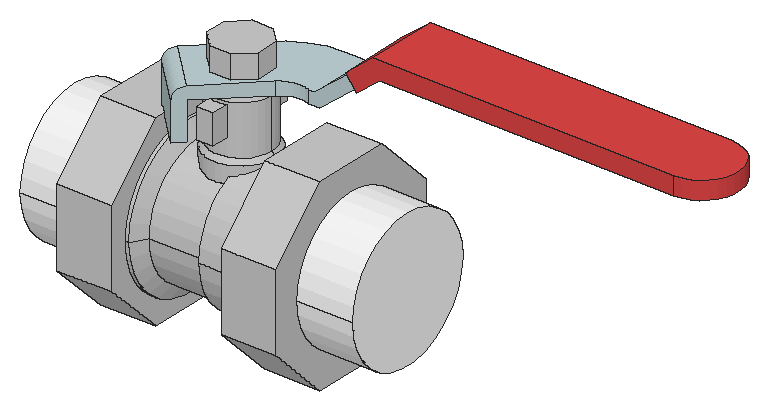
Revit family "PA_Арматура трубопроводов [кран шаровой латунный с двумя переходами на полипропиленовую трубу VTp.745.0]1 - VALTEC", category Арматура трубопроводов, Revit 2019
Family settings
  Размер круглого соединителя = Использовать диаметр
  Тип детали = Клапан - Вставляется
  На основе рабочей плоскости = Нет
  Всегда вертикально = Да
  При загрузке вырезать с полостями = Нет
  Общий = Нет
Parameters (values of type "VTp.745.0")
  Таблица = "PA_Арматура трубопроводов [кран шаровой латунный с двумя переходами на полипропиленовую трубу VTp.745.0] - VALTEC"  # constant formula
  Пользовательский [instance] = no
  Manufacturer = ""
  h [instance] = size_lookup(Таблица, "h", 0 mm, d)  # 18 mm
  b7 [instance] = size_lookup(Таблица, "b7", 0 mm, d)  # 5.8 mm
  b6 [instance] = size_lookup(Таблица, "b6", 0 mm, d)  # 4.5 mm
  b5 [instance] = size_lookup(Таблица, "b5", 0 mm, d)  # 2.1 mm
  b4 [instance] = size_lookup(Таблица, "b4", 0 mm, d)  # 1.6 mm
  b3 [instance] = size_lookup(Таблица, "b3", 0 mm, d)  # 9.7 mm
  b2 [instance] = size_lookup(Таблица, "b2", 0 mm, d)  # 1 mm
  d7 [instance] = size_lookup(Таблица, "d7", 0 mm, d)  # 10.2 mm
  d6 [instance] = size_lookup(Таблица, "d6", 0 mm, d)  # 7.1 mm
  a7 [instance] = size_lookup(Таблица, "a7", 0 mm, d)  # 0.6 mm
  dn [instance] = size_lookup(Таблица, "dn", 0 mm, d)  # 26.8 mm
  a6 [instance] = size_lookup(Таблица, "a6", 0 mm, d)  # 6.6 mm
  a5 [instance] = size_lookup(Таблица, "a5", 0 mm, d)  # 0.7 mm
  a4 [instance] = size_lookup(Таблица, "a4", 0 mm, d)  # 1.5 mm
  a3 [instance] = size_lookup(Таблица, "a3", 0 mm, d)  # 0.9 mm
  a2 [instance] = size_lookup(Таблица, "a2", 0 mm, d)  # 10.7 mm
  a1 [instance] = size_lookup(Таблица, "a1", 0 mm, d)  # 11.1 mm
  a8 [instance] = size_lookup(Таблица, "a8", 0 mm, d)  # 1.6 mm
  b1 [instance] = size_lookup(Таблица, "b1", 0 mm, d)  # 13.9 mm
  d5 [instance] = size_lookup(Таблица, "d5", 0 mm, d)  # 11.8 mm
  d1 [instance] = size_lookup(Таблица, "d1", 0 mm, d)  # 30.4 mm
  d4 [instance] = size_lookup(Таблица, "d4", 0 mm, d)  # 13.2 mm
  d2 [instance] = size_lookup(Таблица, "d2", 0 mm, d)  # 24.7 mm
  d3 [instance] = size_lookup(Таблица, "d3", 0 mm, d)  # 26.9 mm
  d [instance] = 20 mm
  URL = "https://valtec.ru/"
  S [instance] = size_lookup(Таблица, "S", 0 mm, d)  # 36.5 mm
  C [instance] = size_lookup(Таблица, "C", 0 mm, d)  # 91 mm
  B [instance] = size_lookup(Таблица, "B", 0 mm, d)  # 36 mm
  ADSK_Расход жидкости [instance] = 0.0 L/s
  ADSK_Примечание [instance] = ""
  ADSK_Потеря давления жидкости [instance] = 0.0 Pa
  ADSK_Позиция [instance] = ""
  ADSK_Обозначение [instance] = "VTp.745.0"  # constant formula
  ADSK_Наименование [instance] = size_lookup(Таблица, "", "Данный типоразмер отсутствует", d)  # "Кран шаровой латунный с двумя переходами на полипропиленовую трубу, 20 мм"
  Материал доп.1 = Белый - VALTEC
  ADSK_Материал = Сталь, нержавеющая - VALTEC
  ADSK_Масса [instance] = 0
  ADSK_Марка [instance] = size_lookup(Таблица, "Маркировка", "Данный типоразмер отсутствует", d)  # "VTp.745.0"
  ADSK_Код изделия [instance] = size_lookup(Таблица, "Код продукта", "Данный типоразмер отсутствует", d)  # "VTp.745.0.020"
  ADSK_Завод-изготовитель [instance] = "VALTEC"  # constant formula
  ADSK_Единица измерения [instance] = "шт."  # constant formula
  ADSK_URL страницы изделия = "https://valtec.ru/catalog/sistemy_polipropilenovyh_truboprovodov/armatura_dlya_polipropilenovyh_truboprovodov/kran_sharovoj_latunnyj_s_dvumya_perehodami_na_polipropilenovuyu_trubu.html"
  ADSK_URL документации изделия = "https://valtec.ru/document/technical/VTp.745-0519.pdf"
  A [instance] = size_lookup(Таблица, "A", 0 mm, d)  # 65 mm
Reference planes
  plane 1 "По центру (Вперед/Назад)": y = 0
  plane 2: z = 0
  plane 3 "По центру (Влево/Вправо)": x = 0
  plane 4: x = 32.5
  plane 5: x = -32.5
  plane 6: z = -18.25
  plane 7: z = 18.25
  plane 8: y = 18.25
  plane 9: y = -18.25
  plane 10: x = -21.4
  plane 11: x = -10.7
  plane 12: x = -9.8
  plane 13: x = -8.3
  plane 14: x = 21.4
  plane 15: x = 10.7
  plane 16: x = 9.8
  plane 17: x = 9.1
  plane 18: x = 2.5
  plane 19: x = 1.9
  plane 20: z = 13.9
  plane 21: z = 14.9
  plane 22: z = 24.6
  plane 23: z = 26.2
  plane 24: z = 28.3
  plane 25: z = 32.8
  plane 26: z = 24.05
  plane 27 "a8-l": x = -1.6
  plane 28 "a8-r": x = 1.6
  plane 29: y = -9
  plane 30: y = 9
Forms (mm)
  Extrusion 1, solid, material "Белый - VALTEC" <- "Материал доп.1", detail levels medium+fine
    sketch origin (0, 0, 0) x (0, 1, 0) y (0, 0, 1)
      loop
        circle (0, 0) r 13.4
    from 21.4 to 32.5
  Extrusion 2, solid, material "Белый - VALTEC" <- "Материал доп.1", detail levels medium+fine
    sketch origin (0, 0, 0) x (0, 1, 0) y (0, 0, 1)
      loop
        circle (0, 0) r 13.4
    from -32.5 to -21.4
  Extrusion 3, solid, material "Сталь, нержавеющая - VALTEC" <- "ADSK_Материал", detail levels medium+fine
    sketch origin (0, 0, 0) x (0, 1, 0) y (0, 0, 1)
      loop
        circle (0, 0) r 15.2
    from -10.7 to -9.8
  Extrusion 4, solid, material "Сталь, нержавеющая - VALTEC" <- "ADSK_Материал", detail levels medium+fine
    sketch origin (0, 0, 0) x (0, 1, 0) y (0, 0, 1)
      loop
        circle (0, 0) r 15.2
    from 9.8 to 10.7
  Blend 5, solid, material "Сталь, нержавеющая - VALTEC" <- "ADSK_Материал", detail levels medium+fine
    base sketch origin (0, 0, 0) x (0, 1, 0) y (0, 0, 1)
      loop
        circle (0, 0) r 15.2
    top sketch origin (0, 0, 0) x (0, 1, 0) y (0, 0, 1)
      loop
        circle (0, 0) r 12.35
    from -9.8 to -8.3
  Blend 6, solid, material "Сталь, нержавеющая - VALTEC" <- "ADSK_Материал", detail levels medium+fine
    base sketch origin (0, 0, 0) x (0, 1, 0) y (0, 0, -1)
      loop
        circle (0, 0) r 15.2
    top sketch origin (0, 0, 0) x (0, 1, 0) y (0, 0, -1)
      loop
        circle (0, 0) r 13.45
    from -9.8 to -9.1
  Blend 7, solid, material "Сталь, нержавеющая - VALTEC" <- "ADSK_Материал", detail levels medium+fine
    base sketch origin (5, 0, 0) x (0, 1, 0) y (0, 0, 1)
      loop
        circle (0, 0) r 12.35
    top sketch origin (5, 0, 0) x (0, 1, 0) y (0, 0, 1)
      loop
        circle (0, 0) r 13.45
    from -3.1 to -2.5
  Extrusion 8, solid, material "Сталь, нержавеющая - VALTEC" <- "ADSK_Материал", detail levels medium+fine
    sketch origin (0, 0, 0) x (0, 1, 0) y (0, 0, 1)
      loop
        circle (0, 0) r 12.35
    from -8.3 to 1.9
  Extrusion 9, solid, material "Сталь, нержавеющая - VALTEC" <- "ADSK_Материал", detail levels medium+fine
    sketch origin (0, 0, 0) x (0, 1, 0) y (0, 0, 1)
      loop
        circle (0, 0) r 13.45
    from 2.5 to 9.1
  Extrusion 10, solid, material "Сталь, нержавеющая - VALTEC" <- "ADSK_Материал", detail levels medium+fine
    sketch origin (0, 0, 0) x (1, 0, 0) y (0, 1, 0)
      loop
        circle (0, 0) r 6.6
    from 0 to 13.9
  Blend 11, solid, material "Сталь, нержавеющая - VALTEC" <- "ADSK_Материал", detail levels medium+fine
    base sketch origin (0, 0, 0) x (1, 0, 0) y (0, 1, 0)
      loop
        circle (0, 0) r 6.6
    top sketch origin (0, 0, 0) x (1, 0, 0) y (0, 1, 0)
      loop
        circle (0, 0) r 5.9
    from 13.9 to 14.9
  Extrusion 12, solid, material "Сталь, нержавеющая - VALTEC" <- "ADSK_Материал", detail levels medium+fine
    sketch origin (0, 0, 0) x (1, 0, 0) y (0, 1, 0)
      loop
        circle (0, 0) r 5.9
    from 14.9 to 24.6
  Extrusion 13, solid, material "Сталь, нержавеющая - VALTEC" <- "ADSK_Материал", detail levels medium+fine
    sketch origin (0, 0, 0) x (1, 0, 0) y (0, 1, 0)
      loop
        circle (0, 0) r 3.55
    from 24.6 to 26.2
  Extrusion 14, solid, material "Сталь, нержавеющая - VALTEC" <- "ADSK_Материал", detail levels medium+fine
    sketch origin (0, 0, 0) x (1, 0, 0) y (0, 0, 1)
      loop
        line (-1.6, 24.05) -> (-1.6, 18.25) -> (1.6, 18.25) -> (1.6, 24.05) -> (-1.6, 24.05)
    from -9 to 9
Cuts and joins
  joined: Extrusion 3, Extrusion 4, Blend 5, Blend 6, Blend 7, Extrusion 8, Extrusion 9, Extrusion 10, Blend 11, Extrusion 12, Extrusion 13, Extrusion 14
Lines and regions (mm)
  reference lines
    curve 1: line (-32.5, 0, 0) -> (32.5, 0, 0)
  symbolic lines, detail levels coarse
    curve 2: line (-32.5, 0, -18.25) -> (-32.5, 0, 18.25)
    curve 3: line (32.5, 0, 18.25) -> (32.5, 0, -18.25)
    curve 4: line (32.5, 0, -18.25) -> (-32.5, 0, 18.25)
    curve 5: line (32.5, 0, 18.25) -> (-32.5, 0, -18.25)
  model lines, detail levels coarse
    curve 6: line (32.5, -18.25, 0) -> (-32.5, 18.25, 0)
    curve 7: line (32.5, 18.25, 0) -> (-32.5, -18.25, 0)
    curve 8: line (-32.5, 18.25, 0) -> (-32.5, -18.25, 0)
    curve 9: line (32.5, 18.25, 0) -> (32.5, -18.25, 0)
Dimensions and locks
  equal spacing: plane 8, plane 1 "По центру (Вперед/Назад)", plane 9
  "S": plane 8 to plane 9
  equal spacing: plane 5, plane 3 "По центру (Влево/Вправо)", plane 4
  "A": plane 5 to plane 4
  "a1": plane 5 to plane 10
  "a2": plane 10 to plane 11
  "a3": plane 11 to plane 12
  "a4": plane 12 to plane 13
  "a1": plane 4 to plane 14
  "a2": plane 14 to plane 15
  "a3": plane 15 to plane 16
  "a5": plane 16 to plane 17
  "a6": plane 17 to plane 18
  "a7": plane 18 to plane 19
  equal spacing: plane 7, plane 2, plane 6
  "S": plane 7 to plane 6
  "b2": plane 21 to plane 20
  "b3": plane 22 to plane 21
  "b4": plane 23 to plane 22
  "b5": plane 24 to plane 23
  "b6": plane 25 to plane 24
  "b1": plane 20 to plane 2
  "a8": plane 27 "a8-l" to plane 3 "По центру (Влево/Вправо)"
  "a8": plane 3 "По центру (Влево/Вправо)" to plane 28 "a8-r"
  equal spacing: plane 29, plane 1 "По центру (Вперед/Назад)", plane 30
  "h": plane 29 to plane 30
  "b7": plane 26 to plane 7
  "dn": diameter of Extrusion 1 sketch curve
  "dn": diameter of Extrusion 2 sketch curve
  "d1": diameter of Extrusion 3 sketch curve
  "d1": diameter of Extrusion 4 sketch curve
  "d1": diameter of Blend 5 sketch curve
  "d2": diameter of Blend 5 sketch curve
  "d1": diameter of Blend 6 sketch curve
  "d3": diameter of Blend 6 sketch curve
  "d2": diameter of Blend 7 sketch curve
  "d3": diameter of Blend 7 sketch curve
  "d2": diameter of Extrusion 8 sketch curve
  "d3": diameter of Extrusion 9 sketch curve
  "d4": diameter of Extrusion 10 sketch curve
  "d4": diameter of Blend 11 sketch curve
  "d5": diameter of Blend 11 sketch curve
  "d5": diameter of Extrusion 12 sketch curve
  "d6": diameter of Extrusion 13 sketch curve
  aligned and locked: level to plane 2
  aligned and locked: plane 2 to Extrusion 1 sketch curve
  aligned and locked: plane 1 "По центру (Вперед/Назад)" to Extrusion 1 sketch curve
  aligned and locked: plane 2 to Extrusion 2 sketch curve
  aligned and locked: plane 1 "По центру (Вперед/Назад)" to Extrusion 2 sketch curve
  aligned and locked: Extrusion 2 to plane 10
  aligned and locked: plane 5 to Extrusion 2
  aligned and locked: Extrusion 1 to plane 14
  aligned and locked: Extrusion 1 to plane 4
  aligned and locked: nested 2 to plane 1 "По центру (Вперед/Назад)"
  aligned and locked: plane 2 to nested 2
  aligned and locked: plane 2 to nested 1
  aligned and locked: nested 1 to plane 1 "По центру (Вперед/Назад)"
  aligned and locked: plane 10 to nested 1
  aligned and locked: plane 14 to nested 2
  aligned and locked: plane 2 to Extrusion 3 sketch curve
  aligned and locked: plane 1 "По центру (Вперед/Назад)" to Extrusion 3 sketch curve
  aligned and locked: plane 2 to Extrusion 4 sketch curve
  aligned and locked: plane 1 "По центру (Вперед/Назад)" to Extrusion 4 sketch curve
  aligned and locked: plane 2 to Blend 5 sketch curve  (x2)
  aligned and locked: plane 1 "По центру (Вперед/Назад)" to Blend 5 sketch curve  (x2)
  aligned and locked: plane 11 to Extrusion 3
  aligned and locked: Extrusion 3 to plane 12
  aligned and locked: plane 12 to Blend 5
  aligned and locked: Blend 5 to plane 13
  aligned and locked: Extrusion 4 to plane 16
  aligned and locked: plane 15 to Extrusion 4
  aligned and locked: plane 2 to Blend 6 sketch curve  (x2)
  aligned and locked: plane 1 "По центру (Вперед/Назад)" to Blend 6 sketch curve  (x2)
  aligned and locked: plane 16 to Blend 6
  aligned and locked: Blend 6 to plane 17
  aligned and locked: plane 2 to Blend 7 sketch curve  (x2)
  aligned and locked: plane 1 "По центру (Вперед/Назад)" to Blend 7 sketch curve  (x2)
  aligned and locked: plane 18 to Blend 7
  aligned and locked: Blend 7 to plane 19
  aligned and locked: plane 2 to Extrusion 8 sketch curve
  aligned and locked: plane 1 "По центру (Вперед/Назад)" to Extrusion 8 sketch curve
  aligned and locked: plane 2 to Extrusion 9 sketch curve
  aligned and locked: plane 1 "По центру (Вперед/Назад)" to Extrusion 9 sketch curve
  aligned and locked: plane 13 to Extrusion 8
  aligned and locked: plane 19 to Extrusion 8
  aligned and locked: Extrusion 9 to plane 18
  aligned and locked: plane 17 to Extrusion 9
  aligned and locked: plane 1 "По центру (Вперед/Назад)" to Extrusion 10 sketch curve
  aligned and locked: plane 3 "По центру (Влево/Вправо)" to Extrusion 10 sketch curve
  aligned and locked: Extrusion 10 to plane 2
  aligned and locked: Extrusion 10 to plane 20
  aligned and locked: plane 1 "По центру (Вперед/Назад)" to Blend 11 sketch curve  (x2)
  aligned and locked: plane 3 "По центру (Влево/Вправо)" to Blend 11 sketch curve  (x2)
  aligned and locked: plane 1 "По центру (Вперед/Назад)" to Extrusion 12 sketch curve
  aligned and locked: plane 3 "По центру (Влево/Вправо)" to Extrusion 12 sketch curve
  aligned and locked: plane 20 to Blend 11
  aligned and locked: Blend 11 to plane 21
  aligned and locked: plane 21 to Extrusion 12
  aligned and locked: Extrusion 12 to plane 22
  aligned and locked: plane 1 "По центру (Вперед/Назад)" to Extrusion 13 sketch curve
  aligned and locked: plane 3 "По центру (Влево/Вправо)" to Extrusion 13 sketch curve
  aligned and locked: plane 22 to Extrusion 13
  aligned and locked: Extrusion 13 to plane 23
  aligned and locked: plane 1 "По центру (Вперед/Назад)" to nested 3
  aligned and locked: plane 3 "По центру (Влево/Вправо)" to nested 3
  aligned and locked: plane 24 to nested 3
  aligned and locked: plane 28 "a8-r" to Extrusion 14 sketch curve
  aligned and locked: plane 26 to Extrusion 14 sketch curve
  aligned and locked: Extrusion 14 sketch curve to plane 27 "a8-l"
  aligned and locked: plane 30 to Extrusion 14
  aligned and locked: plane 29 to Extrusion 14
  aligned and locked: plane 3 "По центру (Влево/Вправо)" to nested 4
  aligned and locked: plane 1 "По центру (Вперед/Назад)" to nested 4
  aligned and locked: nested 4 to plane 24
  aligned and locked: plane 7 to cut or joined group of Extrusion 3, Extrusion 4, Blend 5, Blend 6, Blend 7, Extrusion 8, Extrusion 9, Extrusion 10, Blend 11, Extrusion 12, Extrusion 13, Extrusion 14
  aligned and locked: plane 6 to curve 4
  aligned and locked: plane 4 to curve 4
  aligned and locked: plane 7 to curve 5
  aligned and locked: plane 7 to curve 4
  aligned and locked: plane 5 to curve 4
  aligned and locked: plane 6 to curve 5
  aligned and locked: plane 5 to curve 5
  aligned and locked: plane 4 to curve 3
  aligned and locked: plane 9 to curve 6
  aligned and locked: plane 4 to curve 6
  aligned and locked: plane 4 to curve 7
  aligned and locked: plane 8 to curve 7
  aligned and locked: plane 5 to curve 6
  aligned and locked: plane 8 to curve 6
  aligned and locked: plane 5 to curve 7
  aligned and locked: plane 9 to curve 7
  aligned and locked: plane 5 to curve 1
  aligned and locked: plane 4 to curve 1
  aligned and locked: curve 1 to level
Automatic sketch dimensions
  plane 28 "a8-r" to Extrusion 14 sketch curve = 0 mm
  Extrusion 14 sketch curve to plane 21 = 3.35 mm
Nested families
  nested 1: "Гайка - горизонталь" at (-16.05, 0, 0) x (1, 0, 0) z (0, 0.9239, 0.3827), d <- "S", l <- "a2", ADSK_Материал <- "ADSK_Материал", type "Гайка - горизонталь", detail levels medium+fine
    with l2 8.56 mm, l 10.7 mm, d2 29.2 mm, d 36.5 mm, ADSK_Материал Сталь, нержавеющая - VALTEC
  nested 2: "Гайка - горизонталь" at (16.05, 0, 0) x (1, 0, 0) z (0, 0.9239, 0.3827), d <- "S", l <- "a2", ADSK_Материал <- "ADSK_Материал", type "Гайка - горизонталь", detail levels medium+fine
    with l2 8.56 mm, l 10.7 mm, d2 29.2 mm, d 36.5 mm, ADSK_Материал Сталь, нержавеющая - VALTEC
  nested 3: "Гайка - вертикаль" at (0, 0, 28.3) x (0.3827, 0.9239, 0) z (0, 0, 1), ADSK_Материал <- "ADSK_Материал", d <- "d7", h <- "b6", type "Гайка - вертикаль", detail levels medium+fine
    with h 4.5 mm, d 10.2 mm, ADSK_Материал Сталь, нержавеющая - VALTEC
  nested 4: "Ручка VALTEC" at (0, 0, 25.8), d <- "d", type "Ручка", detail levels medium+fine
    with r3 7.05 mm, r2 7 mm, r1 21.5 mm, l7 57.6 mm, l6 4.6 mm, l5 7.6 mm, l4 2.1 mm, l3 13.2 mm, l2 4.4 mm, l1 9 mm, h2 7.3 mm, h1 10 mm, d 20 mm, b4 3.5 mm, b3 2.5 mm, b2 14.1 mm, b1 12.5 mm
Connectors
  piping at (-32.5, 0, 0), diameter 20, driven by "d", driven by "ADSK_Расход жидкости", driven by "ADSK_Потеря давления жидкости"
    settings: on curve 1, index 1, connector inside diameter 609.6 mm, connector length 0 mm, flow factor 0, pipe flow 0.0 L/s, pressure drop 0.0 Pa, fitting loss kfactor 0, connector angle 0.00°, fixture units 0, engagement length 0 mm, angle of deflection 0.00°, flow configuration 0, flow direction 0, fitting loss method 4, system type 29, joint type 0, gender type 0, connector reference index 2, connector utility 0, adjustable connector no, is connector primary yes, connector description ""
  piping at (32.5, 0, 0), diameter 20, driven by "d", driven by "ADSK_Расход жидкости"
    settings: on curve 1, index 2, connector inside diameter 609.6 mm, connector length 0 mm, flow factor 0, pipe flow 0.0 L/s, pressure drop 0.0 Pa, fitting loss kfactor 0, connector angle 0.00°, fixture units 0, engagement length 0 mm, angle of deflection 0.00°, flow configuration 0, flow direction 0, fitting loss method 0, system type 29, joint type 0, gender type 0, connector reference index 1, connector utility 0, adjustable connector no, is connector primary no, connector description ""
Definition of nested family "Гайка - горизонталь"
  Parameters (values of type "Гайка - горизонталь")
    l2 [instance] = l * 80 / 100  # 509.92 mm
    d2 [instance] = d * 80 / 100  # 471.105 mm
    d [instance] = 588.881 mm
    l [instance] = 637.4 mm
    ADSK_Материал [instance] = none
  Reference planes
    plane 1 "По центру (Вперед/Назад)": y = 0
    plane 2: z = 0
    plane 3 "По центру (Влево/Вправо)": x = 0
    plane 4: y = 294.44
    plane 5: y = -294.44
    plane 6: through (0, -912.519, 2972.425) normal (0, -0.9239, -0.3827)
    plane 7: through (0, -1234.338, 2979.956) normal (0, -0.9239, -0.3827)
    plane 8: through (0, -1556.157, 2987.486) normal (0, -0.9239, -0.3827)
    plane 9: through (0, 1234.338, 2979.956) normal (0, -0.9239, 0.3827)
    plane 10: through (0, -2420.114, 1321.144) normal (0, -0.3827, -0.9239)
    plane 11: through (0, -2532.792, 1049.117) normal (0, -0.3827, -0.9239)
    plane 12: through (0, -2645.469, 777.089) normal (0, -0.3827, -0.9239)
    plane 13: through (0, 2420.114, 1321.144) normal (0, -0.3827, 0.9239)
    plane 14: through (0, 2532.792, 1049.117) normal (0, -0.3827, 0.9239)
    plane 15: through (0, 2645.469, 777.089) normal (0, -0.3827, 0.9239)
    plane 16: through (0, 912.519, 2972.425) normal (0, -0.9239, 0.3827)
    plane 17: through (0, 1234.338, 2979.956) normal (0, -0.9239, 0.3827)
    plane 18: through (0, 1556.157, 2987.486) normal (0, -0.9239, 0.3827)
    plane 19: x = 318.7
    plane 20: x = -318.7
  Forms (mm)
    Extrusion 1, solid, material <- "ADSK_Материал"
      sketch origin (0, 0, 0) x (0, 1, 0) y (0, 0, 1)
        loop
          line (0, 318.7) -> (-225.355, 225.355) -> (-318.7, 0) -> (-225.355, -225.355) -> (0, -318.7) -> (225.355, -225.355) -> (318.7, 0) -> (225.355, 225.355) -> (0, 318.7)
      from -318.7 to 318.7
  Lines and regions (mm)
    reference lines
      curve 1: line (0, -112.677, -272.027) -> (0, 112.677, 272.027)
      curve 2: line (0, -272.027, 112.677) -> (0, 272.027, -112.677)
      curve 3: line (-254.96, 0, 0) -> (254.96, 0, 0)
      curve 4: line (-318.7, 235.552, 0) -> (-318.7, -235.552, 0)
  Dimensions and locks
    equal spacing: plane 4, plane 1 "По центру (Вперед/Назад)", plane 5
    "d": plane 4 to plane 5
    equal spacing: plane 8, plane 7, plane 6
    "d": plane 8 to plane 6
    equal spacing: plane 12, plane 11, plane 10
    "d": plane 12 to plane 10
    equal spacing: plane 15, plane 14, plane 13
    "d": plane 15 to plane 13
    equal spacing: plane 18, plane 17, plane 16
    "d": plane 18 to plane 16
    equal spacing: plane 20, plane 3 "По центру (Влево/Вправо)", plane 19
    "l": plane 20 to plane 19
    equal spacing: curve 3, plane 3 "По центру (Влево/Вправо)", curve 3
    "l2": curve 3 to curve 3
    equal spacing: curve 4, plane 1 "По центру (Вперед/Назад)", curve 4
    "d2": curve 4 to curve 4
    aligned and locked: level to plane 2
    aligned and locked: plane 10 to Extrusion 1 sketch curve
    aligned and locked: plane 13 to Extrusion 1 sketch curve
    aligned and locked: plane 16 to Extrusion 1 sketch curve
    aligned and locked: Extrusion 1 sketch curve to plane 8
    aligned and locked: Extrusion 1 sketch curve to plane 12
    aligned and locked: Extrusion 1 sketch curve to plane 15
    aligned and locked: Extrusion 1 sketch curve to plane 18
    aligned and locked: plane 6 to Extrusion 1 sketch curve
    aligned and locked: plane 19 to Extrusion 1
    aligned and locked: plane 20 to Extrusion 1
    aligned and locked: Extrusion 1 to plane 19
    aligned and locked: plane 16 to curve 2
    aligned and locked: plane 18 to curve 2
    aligned and locked: curve 2 to plane 11
    aligned and locked: plane 12 to curve 1
    aligned and locked: plane 10 to curve 1
    aligned and locked: curve 1 to plane 17
    aligned and locked: plane 1 "По центру (Вперед/Назад)" to curve 3
    aligned and locked: plane 20 to curve 4
Definition of nested family "Гайка - вертикаль"
  Parameters (values of type "Гайка - вертикаль")
    h [instance] = 7.5 mm
    d [instance] = 11.918 mm
    ADSK_Материал [instance] = none
  Reference planes
    plane 1 "По центру (Вперед/Назад)": y = 0
    plane 2: z = 0
    plane 3 "По центру (Влево/Вправо)": x = 0
    plane 4: x = -6.45
    plane 5: x = 6.45
    plane 6: through (737.894, 1797.006, 1200) normal (0.9239, -0.3827, 0)
    plane 7: through (765.367, 1847.759, 1200) normal (0.9239, -0.3827, 0)
    plane 8: through (792.839, 1898.512, 1200) normal (0.9239, -0.3827, 0)
    plane 9: through (-737.894, 1797.006, 1200) normal (0.9239, 0.3827, 0)
    plane 10: through (-765.367, 1847.759, 1200) normal (0.9239, 0.3827, 0)
    plane 11: through (-792.839, 1898.512, 1200) normal (0.9239, 0.3827, 0)
    plane 12: through (1845.479, 770.872, 1200) normal (0.3827, -0.9239, 0)
    plane 13: through (1847.759, 765.367, 1200) normal (0.3827, -0.9239, 0)
    plane 14: through (1850.039, 759.861, 1200) normal (0.3827, -0.9239, 0)
    plane 15: through (-1845.479, 770.872, 1200) normal (0.3827, 0.9239, 0)
    plane 16: through (-1847.759, 765.367, 1200) normal (0.3827, 0.9239, 0)
    plane 17: through (-1850.039, 759.861, 1200) normal (0.3827, 0.9239, 0)
    plane 18: z = 7.5
  Forms (mm)
    Extrusion 1, solid, material <- "ADSK_Материал"
      sketch origin (0, 0, 0) x (1, 0, 0) y (0, 1, 0)
        loop
          line (0, 6.45) -> (-4.561, 4.561) -> (-6.45, 0) -> (-4.561, -4.561) -> (0, -6.45) -> (4.561, -4.561) -> (6.45, 0) -> (4.561, 4.561) -> (0, 6.45)
      from 0 to 7.5
  Lines and regions (mm)
    reference lines
      curve 1: line (-5.505, -2.28, 0) -> (5.505, 2.28, 0)
      curve 2: line (-2.28, 5.505, 0) -> (2.28, -5.505, 0)
  Dimensions and locks
    equal spacing: plane 4, plane 3 "По центру (Влево/Вправо)", plane 5
    locked: plane 4 to plane 5 at 12.9
    equal spacing: plane 6, plane 7, plane 8
    "d": plane 6 to plane 8
    equal spacing: plane 9, plane 10, plane 11
    "d": plane 9 to plane 11
    equal spacing: plane 12, plane 13, plane 14
    "d": plane 12 to plane 14
    equal spacing: plane 15, plane 16, plane 17
    "d": plane 15 to plane 17
    "h": plane 18 to plane 2
    aligned and locked: level to plane 2
    aligned and locked: plane 12 to Extrusion 1 sketch curve
    aligned and locked: plane 15 to Extrusion 1 sketch curve
    aligned and locked: plane 9 to Extrusion 1 sketch curve
    aligned and locked: Extrusion 1 sketch curve to plane 8
    aligned and locked: Extrusion 1 sketch curve to plane 14
    aligned and locked: Extrusion 1 sketch curve to plane 17
    aligned and locked: Extrusion 1 sketch curve to plane 11
    aligned and locked: plane 6 to Extrusion 1 sketch curve
    aligned and locked: plane 18 to Extrusion 1
    aligned and locked: plane 12 to curve 2
    aligned and locked: plane 14 to curve 2
    aligned and locked: plane 9 to curve 1
    aligned and locked: plane 11 to curve 1
    aligned and locked: curve 1 to plane 13
    aligned and locked: curve 2 to plane 10
Definition of nested family "Ручка VALTEC"
  Parameters (values of type "Ручка")
    материал 2 = none
    материал 1 = none
    Таблица = "Ручка VALTEC"  # constant formula
    Manufacturer = "VALTEC"  # constant formula
    r3 [instance] = b2 / 2  # 7.05 mm
    r2 [instance] = size_lookup(Таблица, "r2", 0 mm, d)  # 7 mm
    r1 [instance] = size_lookup(Таблица, "r1", 0 mm, d)  # 21.5 mm
    l7 [instance] = size_lookup(Таблица, "l7", 0 mm, d)  # 57.6 mm
    l6 [instance] = size_lookup(Таблица, "l6", 0 mm, d)  # 4.6 mm
    l5 [instance] = size_lookup(Таблица, "l5", 0 mm, d)  # 7.6 mm
    l4 [instance] = size_lookup(Таблица, "l4", 0 mm, d)  # 2.1 mm
    l3 [instance] = size_lookup(Таблица, "l3", 0 mm, d)  # 13.2 mm
    l2 [instance] = size_lookup(Таблица, "l2", 0 mm, d)  # 4.4 mm
    l1 [instance] = size_lookup(Таблица, "l1", 0 mm, d)  # 9 mm
    h2 [instance] = size_lookup(Таблица, "h2", 0 mm, d)  # 7.3 mm
    h1 [instance] = size_lookup(Таблица, "h1", 0 mm, d)  # 10 mm
    d [instance] = 20 mm
    b4 [instance] = size_lookup(Таблица, "b4", 0 mm, d)  # 3.5 mm
    b2 [instance] = size_lookup(Таблица, "b2", 0 mm, d)  # 14.1 mm
    b1 [instance] = size_lookup(Таблица, "b1", 0 mm, d)  # 12.5 mm
    b3 [instance] = size_lookup(Таблица, "b3", 0 mm, d)  # 2.5 mm
    URL = "https://valtec.ru/"
    ADSK_URL страницы изделия = ""
    ADSK_URL документации изделия = ""
  Reference planes
    plane 1 "По центру (Вперед/Назад)": y = 0
    plane 2: z = 0
    plane 3 "По центру (Влево/Вправо)": x = 0
    plane 4: x = 13.2
    plane 5: through (-1414.214, 1414.214, 1200) normal (0.7071, 0.7071, 0)
    plane 6: through (-1420.578, 1407.85, 1200) normal (0.7071, 0.7071, 0)
    plane 7: through (-1411.102, 1417.325, 1200) normal (0.7071, 0.7071, 0)
    plane 8: y = 6.25
    plane 9: through (1414.214, 1414.214, 1200) normal (0.7071, -0.7071, 0)
    plane 10: through (1409.794, 1418.633, 1200) normal (0.7071, -0.7071, 0)
    plane 11: through (1418.633, 1409.794, 1200) normal (0.7071, -0.7071, 0)
    plane 12: x = 15.3
    plane 13: y = 12.5
    plane 14: through (-1422.345, 1406.082, 1200) normal (0.7071, 0.7071, 0)
    plane 15: x = 27.5
    plane 16: x = 85.1
    plane 17: z = 10
    plane 18: z = 2.5
    plane 19: z = 12.5
    plane 20: x = 22.9
    plane 21: y = 13.3
    plane 22: y = -0.8
    plane 23: z = 11.25
    plane 24: z = 13
    plane 25: z = 9.5
    plane 26: x = 83.1
    plane 27: z = -7.3
  Forms (mm)
    Extrusion 1, solid, material <- "материал 1"
      sketch origin (0, 0, 0) x (1, 0, 0) y (0, 1, 0)
        loop
          line (-1.308, 7.531) -> (-10.783, -1.945) -> (-1.945, -10.783) -> (7.531, -1.308)
          arc (7.531, -1.308) -> (10.178, 0.159) -> (13.2, 0) r 5.489
          line (13.2, 0) -> (13.2, 12.5)
          arc (13.2, 12.5) -> (5.37, 11.696) -> (-1.308, 7.531) r 17.434
      from 0 to 2.5
    Sweep 2, solid, material <- "материал 1"
      path origin (0, 0, 0) x (1, 0, 0) y (0, 0, 1)
        loop
          line (13.2, 0) -> (15.3, 0) -> (27.5, 10)
      profile origin (13.2, 0, 0) x (0, 0, 1) y (0, -1, 0)
        loop
          line (2.5, -12.5) -> (2.5, 0) -> (0, 0) -> (0, -12.5) -> (2.5, -12.5)
    Sweep 3, solid, material <- "материал 2"
      path origin (0, 0, 0) x (1, 0, 0) y (0, 0, 1)
        loop
          line (85.1, 10) -> (27.5, 10) -> (22.9, 6.23)
      profile origin (56.3, 0, 10) x (0, 0, -1) y (0, -1, 0)
        loop
          line (-3, -13.3) -> (0.5, -13.3) -> (0.5, 0.8) -> (-3, 0.8) -> (-3, -13.3)
    Extrusion 4, solid, material <- "материал 2"
      sketch origin (0, 0, 0) x (1, 0, 0) y (0, 1, 0)
        loop
          line (83.1, 13.3) -> (83.1, -0.8) -> (85.1, -0.8)
          arc (85.1, -0.8) -> (92.15, 6.25) -> (85.1, 13.3) r 7.05
          line (85.1, 13.3) -> (83.1, 13.3)
      from 9.5 to 13
    Extrusion 5, solid, material <- "материал 1"
      sketch origin (1414.214, 1414.214, 1200) x (0.707107, 0.707107, 0) y (0, 0, -1)
        loop
          arc (-2011.5, 1200) -> (-2010.768, 1198.232) -> (-2009, 1197.5) r 2.5
          line (-2009, 1197.5) -> (-2009, 1207.3) -> (-2011.5, 1207.3) -> (-2011.5, 1200)
      from -6.25 to 6.25
  Cuts and joins
    joined: Extrusion 1, Sweep 2, Extrusion 5
    joined: Sweep 3, Extrusion 4
  Dimensions and locks
    "l1": plane 5 to plane 6
    "l2": plane 7 to plane 5
    "l3": plane 3 "По центру (Влево/Вправо)" to plane 4
    equal spacing: plane 11, plane 9, plane 10
    "b1": plane 11 to plane 10
    "l4": plane 4 to plane 12
    "b1": plane 1 "По центру (Вперед/Назад)" to plane 13
    "b3": plane 6 to plane 14
    "l7": plane 15 to plane 16
    "h1": plane 17 to plane 2
    "b3": plane 18 to plane 2
    "b3": plane 19 to plane 17
    "l5": plane 12 to plane 20
    "l6": plane 20 to plane 15
    equal spacing: plane 1 "По центру (Вперед/Назад)", plane 8, plane 13
    equal spacing: plane 21, plane 8, plane 22
    "b2": plane 22 to plane 21
    equal spacing: plane 19, plane 23, plane 17
    equal spacing: plane 24, plane 23, plane 25
    "b4": plane 24 to plane 25
    locked: plane 26 to plane 16 at 2
    "h2": plane 2 to plane 27
    "r3": radius of Extrusion 4 sketch curve
    "b3": radius of Extrusion 5 sketch curve
    aligned and locked: level to plane 2
    aligned and locked: plane 7 to Extrusion 1 sketch curve  (x2)
    aligned and locked: plane 11 to Extrusion 1 sketch curve  (x2)
    aligned and locked: plane 10 to Extrusion 1 sketch curve
    aligned and locked: plane 13 to Extrusion 1 sketch curve
    aligned and locked: plane 4 to Extrusion 1 sketch curve  (x2)
    aligned and locked: plane 1 "По центру (Вперед/Назад)" to Extrusion 1 sketch curve
    aligned and locked: Extrusion 1 to level
    aligned and locked: plane 18 to Extrusion 1
    aligned and locked: level to Sweep 2 sketch curve  (x2)
    aligned and locked: plane 4 to Sweep 2 sketch curve
    aligned and locked: plane 12 to Sweep 2 sketch curve
    aligned and locked: Sweep 2 sketch curve to level
    aligned and locked: Sweep 2 sketch curve to plane 18
    aligned and locked: Sweep 2 sketch curve to plane 1 "По центру (Вперед/Назад)"
    aligned and locked: Sweep 2 sketch curve to plane 13
    aligned and locked: plane 17 to Sweep 2 sketch curve
    aligned and locked: plane 15 to Sweep 2 sketch curve
    aligned and locked: plane 15 to Sweep 3 sketch curve
    aligned and locked: plane 16 to Sweep 3 sketch curve
    aligned and locked: plane 20 to Sweep 3 sketch curve
    aligned and locked: plane 17 to Sweep 3 sketch curve  (x2)
    aligned and locked: cut or joined group of Extrusion 1, Sweep 2, Extrusion 5 to Sweep 3 sketch curve
    aligned and locked: plane 24 to Sweep 3 sketch curve
    aligned and locked: Sweep 3 sketch curve to plane 21
    aligned and locked: plane 25 to Sweep 3 sketch curve
    aligned and locked: Sweep 3 sketch curve to plane 22
    aligned and locked: Extrusion 4 to plane 24
    aligned and locked: Extrusion 4 to plane 25
    aligned and locked: plane 16 to Extrusion 4 sketch curve  (x2)
    aligned and locked: plane 22 to Extrusion 4 sketch curve
    aligned and locked: Extrusion 4 sketch curve to plane 21
    aligned and locked: Extrusion 4 sketch curve to plane 26
    aligned and locked: Extrusion 1 sketch curve to plane 6
    aligned and locked: plane 18 to Extrusion 5 sketch curve
    aligned and locked: Extrusion 5 sketch curve to plane 27
    aligned and locked: plane 6 to Extrusion 5 sketch curve
    aligned and locked: Extrusion 5 sketch curve to plane 14
    aligned and locked: level to Extrusion 5 sketch curve
    aligned and locked: plane 11 to Extrusion 5
    aligned and locked: plane 10 to Extrusion 5
  Automatic sketch dimensions
    Extrusion 1 sketch curve to plane 7 = 0 mm  (x2)
    plane 1 "По центру (Вперед/Назад)" to Sweep 3 sketch curve = 0.8 mm
